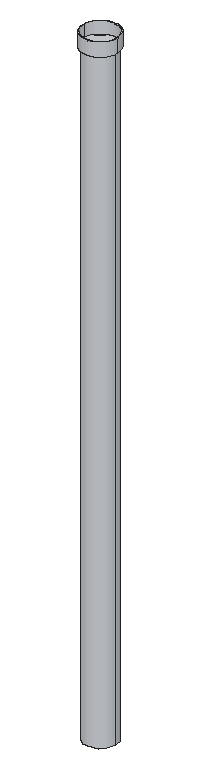
Revit family
Reference planes (in)
  plane 1 "Center (Front/Back)": y = 0
  plane 2: z = 0
  plane 3 "Center (Left/Right)": x = 0
Forms (in)
  Extrusion 1, solid
    sketch origin (0, 0, 0) x (1, 0, 0) y (0, 1, 0)
      loop
        circle (0.0136, -0.05644) r 3.3
    from -0.28534 to 2.25
  Extrusion 2, solid
    sketch origin (0, 0, 0) x (1, 0, 0) y (0, 1, 0)
      loop
        circle (0, 0) r 2.9
    from 0 to -117.6
  Extrusion 3, void
    sketch origin (0, 0, 2.25) x (0, 1, 0) y (1, 0, 0)
      loop
        circle (-0.05644, 0.0136) r 3.2
    from 0 to 2.19922
Cuts and joins
  Extrusion 3 cuts Extrusion 1
  Extrusion 3 cuts Extrusion 2
Dimensions and locks (in)
  aligned and locked: level to plane 2
Connectors (in)
  piping at (0, 0, -117.6)
    settings: on cut or joined group of Extrusion 2, Extrusion 3, index 2, connector radius 2 205/256", flow factor 0, pipe flow 0 GPM, pressure drop 0.00 psi, fitting loss kfactor 0, connector angle 0.00°, fixture units 0, flow configuration 0, flow direction 0, fitting loss method 0, system type 19, connector reference index -1, connector utility 0, adjustable connector no, is connector primary yes, fitting loss table "", connector description ""
  piping at (0.0136, -0.05644, 0.05078)
    settings: on cut or joined group of Extrusion 1, Extrusion 3, index 3, connector radius 3 51/256", flow factor 0, pipe flow 0 GPM, pressure drop 0.00 psi, fitting loss kfactor 0, connector angle 0.00°, fixture units 0, flow configuration 0, flow direction 0, fitting loss method 0, system type 19, connector reference index -1, connector utility 0, adjustable connector no, is connector primary no, fitting loss table "", connector description ""
